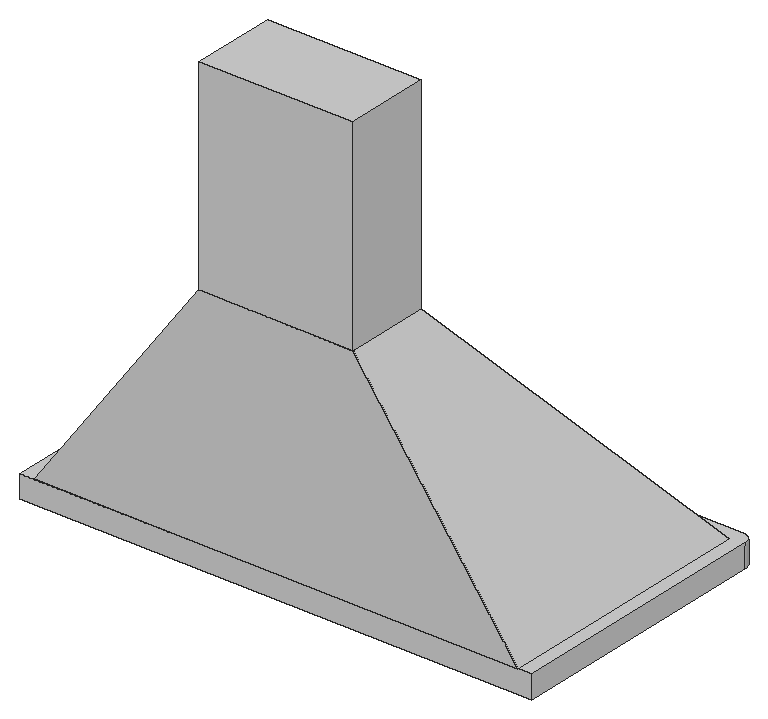
Revit family
Parameters (values of type "900 x 490mm")
  Depth = 490 mm
  Height = 760 mm
  Hood Material = Metal - Stainless Steel
  Placement Hgt = 1600 mm
  Width = 900 mm
Types (3, lengths in mm): name | Width
  (no name) | 900
  600 x 490mm | 600
  900 x 490mm | 900
Reference planes
  plane 1: y = 0
  plane 2 "Center": x = -22.422
  plane 3: y = 566.2
  plane 4: x = -472.422
  plane 5: x = 427.578
  plane 6: z = 1600
  plane 7: z = 1640
  plane 8: z = 2400
  plane 9: x = -157.422
  plane 10: x = 112.578
  plane 11: y = 226.2
  plane 12: z = 2040
Forms (mm)
  Extrusion 1, solid, material "Metal - Stainless Steel" <- "Hood Material"
    sketch origin (0, 0, 0) x (1, 0, 0) y (0, 1, 0)
      loop
        arc (-452.422, 566.2) -> (-466.564, 560.342) -> (-472.422, 546.2) r 20
        line (-472.422, 546.2) -> (-472.422, 76.2) -> (427.578, 76.2) -> (427.578, 546.2)
        arc (427.578, 546.2) -> (421.72, 560.342) -> (407.578, 566.2) r 20
        line (407.578, 566.2) -> (-452.422, 566.2)
    from 1600 to 1640
  Extrusion 2, solid, material "Metal - Stainless Steel" <- "Hood Material"
    sketch origin (0, 0, 0) x (1, 0, 0) y (0, 1, 0)
      loop
        line (-157.422, 226.2) -> (-157.422, 76.2) -> (112.578, 76.2) -> (112.578, 226.2) -> (-157.422, 226.2)
    from 2040 to 2400
  Blend 3, solid, material "Metal - Stainless Steel" <- "Hood Material"
    base sketch origin (0, 0, 0) x (1, 0, 0) y (0, 1, 0)
      loop
        line (-447.422, 76.2) -> (402.578, 76.2) -> (402.578, 541.2) -> (-447.422, 541.2) -> (-447.422, 76.2)
    top sketch origin (0, 0, 0) x (1, 0, 0) y (0, 1, 0)
      loop
        line (-157.422, 226.2) -> (-157.422, 76.2) -> (112.578, 76.2) -> (112.578, 226.2) -> (-157.422, 226.2)
    from 1640 to 2040
Lines and regions (mm)
  symbolic lines
    curve 1: line (-472.422, 76.2, 0) -> (427.578, 76.2, 0)
    curve 5: line (-157.422, 76.2, 0) -> (112.578, 76.2, 0)
    curve 6: line (-157.422, 226.2, 0) -> (-157.422, 76.2, 0)
    curve 7: line (112.578, 226.2, 0) -> (-157.422, 226.2, 0)
    curve 8: line (112.578, 76.2, 0) -> (112.578, 226.2, 0)
  symbolic lines, style "Below"
    curve 2: line (-472.422, 566.2, 0) -> (-472.422, 76.2, 0)
    curve 3: line (427.578, 566.2, 0) -> (-472.422, 566.2, 0)
    curve 4: line (427.578, 76.2, 0) -> (427.578, 566.2, 0)
    curve 9: line (-447.422, 76.2, 0) -> (-447.422, 541.2, 0)
    curve 10: line (-447.422, 541.2, 0) -> (402.578, 541.2, 0)
    curve 11: line (402.578, 541.2, 0) -> (402.578, 76.2, 0)
    curve 12: line (402.578, 541.2, 0) -> (112.578, 226.2, 0)
    curve 13: line (-157.422, 226.2, 0) -> (-447.422, 541.2, 0)
Text (mm)
  text "Placement Side" at (0, 356.44, 3124.603), in view "Right"
  text "Placement Side" at (-1787.662, 723.012, 0), in view "Ref. Level"
  text "Placement Side" at (0, 1206.291, 3571.227), in view "Left"
Dimensions and locks
  "Depth": host wall to plane 3
  "Width": plane 4 to plane 5
  equal spacing: plane 4, plane 2 "Center", plane 5
  locked: plane 6 to plane 7 at 40
  "Height": plane 7 to plane 8
  locked: plane 9 to plane 10 at 270
  host wall to plane 11 = 150 mm
  equal spacing: plane 9, plane 2 "Center", plane 10
  "Placement Hgt": level to plane 6
  locked: plane 7 to plane 12 at 400
  aligned and locked: Extrusion 1 sketch curve to plane 3
  aligned and locked: host wall to Extrusion 1 sketch curve
  aligned and locked: plane 5 to Extrusion 1 sketch curve
  aligned and locked: plane 6 to Extrusion 1
  aligned and locked: Extrusion 1 to plane 7
  aligned and locked: plane 9 to Extrusion 2 sketch curve
  aligned and locked: plane 11 to Extrusion 2 sketch curve
  aligned and locked: host wall to Extrusion 2 sketch curve
  aligned and locked: Extrusion 2 sketch curve to plane 10
  aligned and locked: Extrusion 2 to plane 8
  aligned and locked: plane 12 to Extrusion 2
  aligned and locked: Blend 3 sketch curve to Extrusion 2  (x4)
  aligned and locked: Blend 3 to Extrusion 2
  aligned and locked: Blend 3 to Extrusion 1
  aligned and locked: curve 5 to Extrusion 2
  aligned and locked: curve 1 to curve 5
  aligned and locked: curve 8 to Extrusion 2  (x2)
Automatic sketch dimensions
  Extrusion 1 sketch curve to plane 4 = 0 mm
  plane 3 to Extrusion 1 sketch curve = 20 mm
  Extrusion 1 sketch curve to Extrusion 1 sketch curve = 20 mm
  Blend 3 sketch curve to host wall = 0 mm
  plane 3 to Blend 3 sketch curve = 25 mm
  Blend 3 sketch curve to plane 4 = 25 mm
  plane 5 to Blend 3 sketch curve = 25 mm
  curve 1 to host wall = 0 mm
  curve 1 to plane 4 = 0 mm
  curve 4 to plane 5 = 0 mm
  curve 3 to plane 3 = 0 mm
  curve 13 to plane 4 = 25 mm
  plane 5 to curve 10 = 25 mm
  plane 3 to curve 10 = 25 mm
